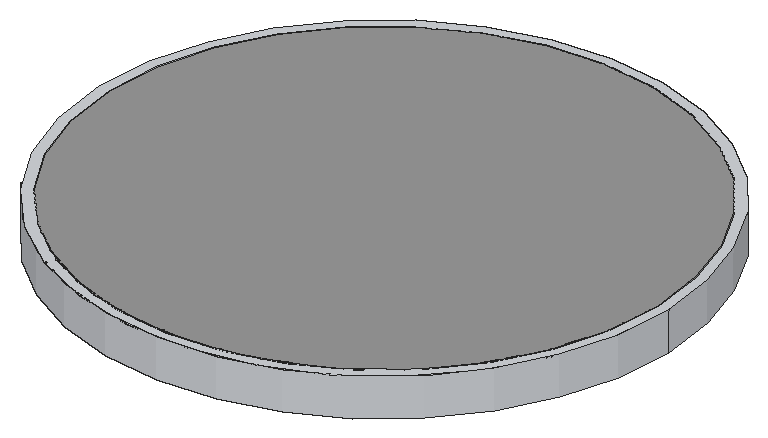
Revit family "2071237", category Lighting Fixtures, host Face, Revit 2018
Family settings
  Host = Face
  Round Connector Dimension = Use Diameter
  Part Type = Normal
  OmniClass Number = 23.80.70.00
  OmniClass Title = Lighting
  Cut with Voids When Loaded = No
  Light Source = Yes
  Shared = No
  Room Calculation Point = No
Parameters (values of type "2071237 COLOSSAL 900 830 PR DIR WHT DALI")
  iner diameter = 856 mm
  Weight = "n/a"
  Wattage Comments = ""
  Wattage = 30 W
  WarrantyStartDate [instance] = "n/a"
  WarrantyGuarantorParts = "n/a"
  WarrantyDurationUnit = "n/a"
  WarrantyDurationParts = ""
  WarrantyDescription = "http://www.sylvania-lighting.com"
  built-in parameter 1150110 = 1 (stored number, unit not read)
  Voltage = 230 V
  URL = "0.99"
  TypeName = "COLOSSAL 900mm 830 PRISM DIR WHITE DALI"
  Type Image = <None>
  Type Comments = "n/a"
  built-in parameter 1114217 = 1 (stored number, unit not read)
  Tilt Angle = -90.00°
  built-in parameter 1150109 = 1 (stored number, unit not read)
  built-in parameter 1150134 = (empty or 0)
  built-in parameter 1150113 = 1 (stored number, unit not read)
  SerialNumber [instance] = "n/a"
  Photometric Web File = "2071237.ies"
  Material_3_SYL = LED-Sylvania
  PowerFactor = 0
  PowerConsumption = "Lighting"
  NominalLength = 888 mm
  NominalHeight = 93 mm
  NominalDepth = 888 mm
  Name = "COLOSSAL 900mm 830 PRISM DIR WHITE DALI"
  ModelReference = Name  # "COLOSSAL 900mm 830 PRISM DIR WHITE DALI"
  ModelNumber = "2071237"
  Model = Name  # "COLOSSAL 900mm 830 PRISM DIR WHITE DALI"
  Material = "Feilo Sylvania"
  ManufacturerName = "133 lm/W"
  Manufacturer = ""
  LuminousEfficacy = ""
  built-in parameter 1150105 = 270.44 (stored number, unit not read)
  Lumens = 3398.4 lm
  LuminaireType = "0"
  built-in parameter 1150115 = 1 (stored number, unit not read)
  LightOutputRatio = "LED"
  built-in parameter 1150137 = (empty or 0)
  built-in parameter 1150139 = (empty or 0)
  LampsType = Lamp  # "n/a"
  LampNominalLuminous = "3000 K"
  LampMacAdamStep = "80"
  LampColourTemperature = "LED"
  LampColourRenderingIndex = "16500"
  built-in parameter 1150112 = 1 (stored number, unit not read)
  built-in parameter 1150114 = 1 (stored number, unit not read)
  Lamp = "n/a"
  Keynote = "n/a"
  InstallationDate [instance] = "n/a"
  InputVoltage = "0"
  InputNominalFrequency = "3000"
  built-in parameter 1150132 = (empty or 0)
  built-in parameter 1150102 = (empty or 0)
  built-in parameter 1150107 = 3000 (stored number, unit not read)
  built-in parameter 1150138 = (empty or 0)
  IngressProtection = "IfcLightFixtureType"
  ImpactProtectionIndex = "IfcLightFixtureType"
  built-in parameter 1150106 = 2.7044 (stored number, unit not read)
  IfcExportType = "IfcLightFixtureType"
  IfcExportAs = "Class I"
  Emit from Circle Diameter = 385 mm
  Emit Shape Visible in Rendering = no
  ElectricShockClassification = "133"
  built-in parameter 1150104 = 10.524 (stored number, unit not read)
  DocumentationLiterature = "http://www.sylvania-lighting.com/product/en-int/products/2071237"
  DimmingControlOptions = "n/a"
  Material_2_SYL = Polycarbonate_Sylvania_White
  Dimming Lamp Color Temperature Shift = <None>
  Description = "900mm diameter circular architectural luminaire, can be surface mounted or suspended. Powder coated aluminium housing (RAL9016) with PMMA prismatic diffuser. Direct light distribution, 7785lm luminuous flux, 58.7W system power, 133lm/W luminiaire efficacy. DALI dimmable. Colour rendering index Ra >80, 3000K Warm White LED, chromaticity tolerance of 3-step MacAdam ellipse. IP40/IP20, IK03. 350mA drive current. UGR≤19. Electrical protection Class1, 220-240V. Reported lifetime 66k hours L90B10."
  Default Elevation = 1219.2 mm
  CreatedOn = "23/03/2022"
  CreatedBy = "@sylvania-lighting.com"
  Cost = 0
  Color Filter = 16777215
  built-in parameter 1114216 [instance] = (empty or 0)
  ClassificationValue = "EF_70_80"
  ClassificationName = "Uniclass2015"
  Material_1_SYL = Polycarbonate_Sylvania_Opal
  BarCode [instance] = "n/a"
  built-in parameter 1114218 = 1 (stored number, unit not read)
  built-in parameter 1150133 = 10 (stored number, unit not read)
  AssetType = "Fixed"
  AssetIdentifier [instance] = "n/a"
  Assembly Code = "D5020200"
  Apparent Load = 58.7 VA
  Material_4_SYL = none
Reference planes
  plane 1 "Center (Front/Back)": y = 0
  plane 2: z = 0
  plane 3 "Center (Left/Right)": x = 0
  plane 4: z = 1.161
  plane 5: z = 16.161
  plane 6: x = -444
  plane 7: x = 444
  plane 8: y = 444
  plane 9: y = -444
  plane 10: y = 236
  plane 11: y = -236
  plane 12: x = 85
  plane 13: x = -85
  plane 14: through (0, 0, 1219.2) normal (0.5, 0.866, 0)
  plane 15: through (42.5, 73.612, 1219.2) normal (0.5, 0.866, 0)
  plane 16: through (-42.5, -73.612, 1219.2) normal (0.5, 0.866, 0)
  plane 17: through (0, 0, 1219.2) normal (0.5, -0.866, 0)
  plane 18: through (-42.5, 73.612, 1219.2) normal (0.5, -0.866, 0)
  plane 19: through (42.5, -73.612, 1219.2) normal (0.5, -0.866, 0)
  plane 20: z = 93
  plane 21: y = 428
  plane 22: y = -428
Forms (mm)
  Extrusion 1, solid, detail levels medium+fine
    sketch origin (0, 0, 0) x (0.866025, -0.5, 0) y (0.5, 0.866025, 0)
      loop
        circle (-50, 86.603) r 22
    from 0 to 2
  Extrusion 2, solid, detail levels medium+fine
    sketch origin (0, 0, 0) x (0.866025, -0.5, 0) y (0.5, 0.866025, 0)
      loop
        circle (100, 0) r 22
      loop
        circle (-50, -86.603) r 22
    from 0 to 2
  Blend 3, solid, detail levels medium+fine
    base sketch origin (0, 0, 0) x (1, 0, 0) y (0, 1, 0)
      loop
        line (-85, 236) -> (-246.882, -44.388) -> (-161.882, -191.612) -> (161.882, -191.612) -> (246.882, -44.388) -> (85, 236) -> (-85, 236)
    top sketch origin (0, 0, 0) x (1, 0, 0) y (0, 1, 0)
      loop
        line (-85, 283.076) -> (-287.651, -67.926) -> (-207.792, -218.119) -> (207.792, -218.119) -> (292.5, -71.401) -> (85, 283.076) -> (-85, 283.076)
    from 0 to 33.022
  Extrusion 4, solid, detail levels medium+fine
    sketch origin (0, 0, 0) x (1, 0, 0) y (0, 1, 0)
      loop
        circle (0, 0) r 444
    from 33.022 to 93
  Extrusion 5, void
    sketch origin (0, 0, 0) x (1, 0, 0) y (0, 1, 0)
      loop
        circle (0, 0) r 428
    from 96.588 to 37.292
  Extrusion 6, solid, material "Glass, White, High Luminance", detail levels fine
    sketch origin (0, 0, 0) x (1, 0, 0) y (0, 1, 0)
      loop
        circle (0, 0) r 428
    from 87.991 to 93
  Extrusion 7, solid, detail levels coarse
    sketch origin (0, 0, 0) x (1, 0, 0) y (0, 1, 0)
      loop
        line (-444, 444) -> (-444, -444) -> (444, -444) -> (444, 444) -> (-444, 444)
    from 0 to 93.648
Cuts and joins
  Extrusion 5 cuts Extrusion 1
  Extrusion 5 cuts Extrusion 2
  Extrusion 5 cuts Blend 3
  Extrusion 5 cuts Extrusion 4
Lines and regions (mm)
  model lines, detail levels medium+fine
    curve 1: circle (0, 0, 0) r 100 normal (0, 0, 1)
Dimensions and locks
  "NominalDepth": plane 8 to plane 9
  plane 8 to plane 1 "Center (Front/Back)" to plane 9 = 444 mm, 444 mm
  "NominalLength": plane 6 to plane 7
  equal spacing: plane 6, plane 3 "Center (Left/Right)", plane 7
  "NominalHeight": level to plane 20
  "iner diameter": plane 21 to plane 22
  equal spacing: plane 21, plane 1 "Center (Front/Back)", plane 22
  aligned and locked: plane 2 to host face
  aligned and locked: level to host face
Automatic sketch dimensions
  host sketch curve to host sketch curve = 2438.4 mm  (x2)
  Extrusion 1 sketch curve to plane 3 "Center (Left/Right)" = 0 mm
  Extrusion 1 sketch curve to plane 1 "Center (Front/Back)" = 100 mm
  plane 1 "Center (Front/Back)" to Extrusion 2 sketch curve = 50 mm
  Extrusion 2 sketch curve to plane 3 "Center (Left/Right)" = 86.603 mm
  Extrusion 2 sketch curve to Extrusion 2 sketch curve = 150 mm
  Extrusion 2 sketch curve to Extrusion 2 sketch curve = 86.603 mm
  plane 1 "Center (Front/Back)" to curve 1 = 0 mm
  curve 1 to plane 3 "Center (Left/Right)" = 0 mm
  plane 18 to Blend 3 sketch curve = 0 mm  (x2)
  plane 19 to Blend 3 sketch curve = 0 mm  (x2)
  Blend 3 sketch curve to plane 10 = 0 mm
  Blend 3 sketch curve to plane 13 = 0 mm  (x2)
  Blend 3 sketch curve to plane 12 = 0 mm  (x2)
  Blend 3 sketch curve to plane 16 = 0 mm  (x2)
  Blend 3 sketch curve to plane 15 = 0 mm
  plane 11 to Blend 3 sketch curve = 44.388 mm
  plane 1 "Center (Front/Back)" to Blend 3 sketch curve = 44.388 mm  (x2)
  plane 11 to Blend 3 sketch curve = 17.881 mm
  plane 1 "Center (Front/Back)" to Blend 3 sketch curve = 67.926 mm
  plane 1 "Center (Front/Back)" to Blend 3 sketch curve = 71.401 mm
  Blend 3 sketch curve to plane 7 = 151.5 mm
  plane 10 to Blend 3 sketch curve = 47.076 mm
  plane 1 "Center (Front/Back)" to Extrusion 4 sketch curve = 0 mm
  Extrusion 4 sketch curve to plane 3 "Center (Left/Right)" = 0 mm
  plane 1 "Center (Front/Back)" to Extrusion 5 sketch curve = 0 mm
  Extrusion 5 sketch curve to plane 3 "Center (Left/Right)" = 0 mm
  plane 1 "Center (Front/Back)" to Extrusion 6 sketch curve = 0 mm
  Extrusion 6 sketch curve to plane 3 "Center (Left/Right)" = 0 mm
  Extrusion 7 sketch curve to plane 6 = 0 mm
  Extrusion 7 sketch curve to plane 7 = 0 mm
  Extrusion 7 sketch curve to plane 9 = 0 mm
  Extrusion 7 sketch curve to plane 8 = 0 mm
  radius of Extrusion 1 sketch curve = 22 mm
  radius of Extrusion 2 sketch curve = 22 mm  (x2)
  radius of curve 1 = 100 mm
  radius of Extrusion 4 sketch curve = 444 mm
  radius of Extrusion 5 sketch curve = 428 mm
  radius of Extrusion 6 sketch curve = 428 mm
Connectors
  electrical at (0, 0, 0), driven by "Apparent Load", driven by "PowerFactor", driven by "Voltage"
    settings: index 1, voltage 230 V, apparent load 58.7 VA, apparent load phase1 0 VA, apparent load phase2 0 VA, apparent load phase3 0 VA, power factor 0, load classification "Lighting", number of poles 1, system type 30, power factor state 1, is connector primary yes, connector utility no, sub classification motor no, connector description ""
